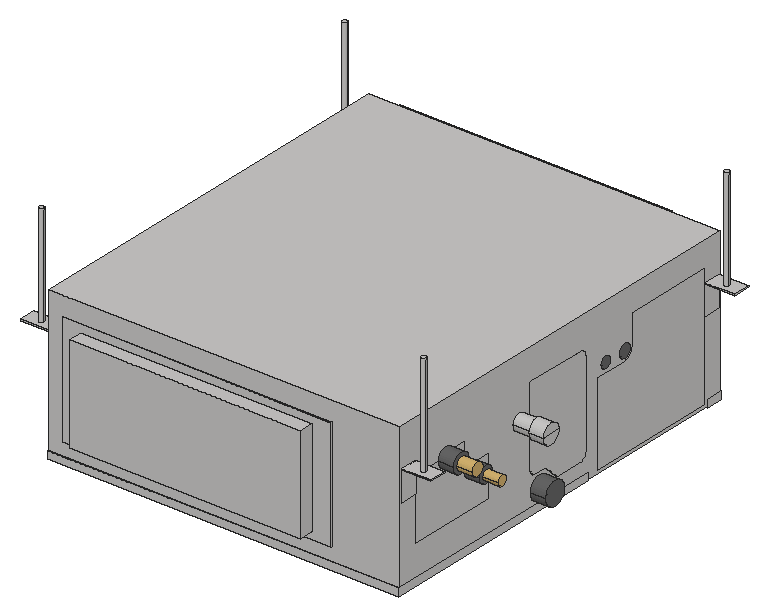
Revit family "Heat_Pump-Split_System-Indoor-Ducted-JCI-High_Static-1.3-4.5_ton", category Mechanical Equipment, Revit 2014
Parameters (values of type "(H,Y)IDH015B22S - 208 v")
  Width = 31.500"
  Voltage = 208 V
  Total Heating Capacity = 17000.0 Btu/h
  Total Cooling Capacity = 15000.0 Btu/h
  Supply Air Connection Width = 18 3/8"
  Supply Air Connection Height = 7 13/16"
  SA Z Offset = (Height - Supply Air Connection Height) / 2  # 2.00025"
  SA X Offset = 2.500"
  Return Air Connection Width = 21 5/8"
  Return Air Connection Height = 8 7/16"
  Refrigerant Suction Gas Connection Diameter = 1/2"
  Refrigerant Liquid Connection Diameter = 1/4"
  RA Z Offset = 2.6875"
  RA X Offset = 1.3125"
  Pumped Drain [instance] = no
  Product Page URL = "http://www.johnsoncontrols.com/buildings/hvac-equipment/variable-refrigerant-flow/variable-refrigerant-flow-ducted-high-static-indoor-unit"
  Product Name = Model  # "(H,Y)IDH015B22S"
  Product Documentation Link = "http://www.johnsoncontrols.com/-/media/jci/be/united-states/hvac-equipment/variable-refrigerant-flow/files/2017-york-vrf-gen-ii-brochure_053017_digital.pdf?la=en"
  Power Radius = Power Diameter / 2  # 1/2"
  Power Factor = 0.8
  Power Diameter = 1"
  Phase = 1
  Number of Poles = 2
  Minimum Circuit Current = 2.4 A
  Maximum Overcurrent Protection = 15 A
  Max Drain Lifting Zone [instance] = no
  Length 8 = 0.000" - Length 7  # -13.7815"
  Length 7 = Length / 2  # 13.7815"
  Length 6 = DX Liquid Body Radius + 0.250"  # 0.625"
  Length 3 [instance] = if(Max Drain Lifting Zone, 33.438" - Pumped Drain Z Offset, 1.000")  # 1.000"
  Length 2 [instance] = if(Max Drain Lifting Zone, 11.813", 1.000")  # 1.000"
  Length 1 [instance] = if(Pumped Drain, 2.500", 1.250")  # 1.250"
  Length 17 = Drain Radius - 1.000" / 8  # 0.500"
  Length 19 = 0.100"  # constant formula
  Length 16 = 0.000" - Length 15  # -10.7125"
  Length 15 = (Return Air Connection Width / 2) - Length 19  # 10.7125"
  Unit Weight = 64 lbf
  URL = "www.johnsoncontrols.com"
  Type Comments = "208 v - 1.3 ton Cooling Capacity"
  Pumped Drain Z Offset = 7.063"
  Pumped Drain Y Offset = 11.750"
  Length = 27.563"
  Height = 11.813"
  Gravity Drain Z Offset = 1.5625"
  Gravity Drain Y Offset = 13.71875"
  Frequency = 60 Hz
  Drain Z Offset Label [instance] = if(Pumped Drain, Pumped Drain Z Offset, Gravity Drain Z Offset)  # 1.5625"
  Drain Y Offset Label [instance] = if(Pumped Drain, Pumped Drain Y Offset, Gravity Drain Y Offset)  # 13.71875"
  DX Liquid Z Offset = 5.875"
  DX Liquid Y Offset = 6.9375"
  DX Gas Z Offset = 7.750"
  DX Gas Y Offset = 4.500"
  DX Gas Body Radius = DX Gas Radius + 0.250"  # 0.500"
  DX Liquid Body Radius = DX Liquid Radius + 0.250"  # 0.375"
  Highlight Material 1 = Plastic - JCI - Black
  Model = "(H,Y)IDH015B22S"
  Manufacturer = "Johnson Controls Incorporated"
  Load Classification = HVAC
  Length 9 [instance] = if(Clearance Zones, Clearance Front, 0.000")  # 0.000"
  Length 5 = DX Gas Body Radius + 0.250"  # 0.750"
  Length 14 [instance] = if(Clearance Zones, Clearance Top, 0.000")  # 0.000"
  Length 13 [instance] = if(Clearance Zones, Clearance Bottom, 0.000")  # 0.000"
  Length 12 [instance] = if(Clearance Zones, Clearance Right, 0.000")  # 0.000"
  Length 11 [instance] = if(Clearance Zones, Clearance Left, 0.000")  # 0.000"
  Length 10 [instance] = if(Clearance Zones, Clearance Back, 0.000")  # 0.000"
  Description = "YORK® VRF Gen II Ducted High Static Indoor Unit"
  Hanging Bolts [instance] = yes
  Drop Rod Radius = 0.188"
  Hanging Height [instance] = 5.000"
  Radius 4 = 0.630"
  Drain Radius = Condensate Drain Connection Diameter / 2  # 5/8"
  DX Liquid Radius = Refrigerant Liquid Connection Diameter / 2  # 1/8"
  DX Gas Radius = Refrigerant Suction Gas Connection Diameter / 2  # 1/4"
  Highlight Material 2 = Metal - JCI - Brass
  Copyright © = "Copyright © 2017 Johnson Controls"  # constant formula
  Cooling Coil Air Pressure Drop [instance] = 0.00 in-wg
  Controls Radius = Controls Diameter / 2  # 7/16"
  Controls Diameter = 7/8"
  Condensate Drain Connection Diameter = 1 1/4"
  Clearance Zones [instance] = no
  Clearance Top = 3.938"
  Clearance Right = 7.875"
  Clearance Material = Area - JCI - Clearance
  Clearance Left = 0.000"
  Clearance Front = 1.938"
  Clearance Bottom = 0.813"
  Clearance Back = 1.938"
  Bracket Width = 1.375"
  Bracket Length = 2.375"
  Body Material = Metal - JCI - Steel
  Assembly Code = "D3030200"
  Apparent Load = Minimum Circuit Current * Voltage / Power Factor  # 624 VA
  Angle 1 [instance] = 90.00°
  Actual Supply Air Flow [instance] = 0 CFM
  Actual Return Air Flow [instance] = 0 CFM
  Actual Condensate Drain Flow [instance] = 0 GPM
Reference planes (in)
  plane 1 "Center (Front/Back)": y = 0
  plane 2: z = 0
  plane 3 "Center (Left/Right)": x = 0
  plane 4 "Back": y = 15.75
  plane 5 "Front": y = -15.75
  plane 6 "Body Left": x = -13.7815
  plane 7 "Body Right": x = 13.7815
  plane 8 "Left": x = -16.1565
  plane 9 "Right": x = 16.1565
  plane 10 "Left Bolt Pitch": x = -15.0315
  plane 11 "Right Bolt Pitch": x = 15.0315
  plane 12 "rod 2 y cl": y = -14.9375
  plane 13 "Top": z = 11.813
  plane 14 "Bottom": z = 0
  plane 15 "Center (Elevation)": z = 5.9065
  plane 16 "dx gas z cl": z = 7.75
  plane 17 "conduit z cl": z = 7.5
  plane 18 "plate top": z = 8.84425
  plane 19 "plate bottom 1": z = 8.76525
  plane 20 "sa top": z = 9.81275
  plane 21 "sa bottom": z = 2.00025
  plane 22 "dx liquid y cl": y = -8.8125
  plane 23 "dx gas y cl": y = -11.25
  plane 24 "bracket 1 front": y = 14.25
  plane 25 "bracket 2 back": y = -14.25
  plane 26 "bracket 2 front": y = -15.625
  plane 27: z = 0.04
  plane 28 "Hanging Rods Height": z = 16.813
  plane 29 "lower bracket left": x = -14.5095
  plane 30 "bolt bottom": z = 8.46525
  plane 31: z = 11.813
  plane 32 "dec right": x = 13.8315
  plane 33 "dec left": x = -13.8315
  plane 34 "Cleareance Left": x = -13.7815
  plane 35 "Clearance Right": x = 16.1565
  plane 36 "Clearance Front": y = -15.75
  plane 37 "Clearance Back": y = 16.9375
  plane 38 "Clearance Top": z = 11.813
  plane 39 "Clearance Bottom": z = 0
  plane 40 "bracket 1 back": y = 15.625
  plane 41 "rod 1 y cl": y = 14.9375
  plane 42 "sa left": x = -11.2815
  plane 43 "sa right": x = 7.0935
  plane 44 "connection right": x = 16.3315
  plane 45 "dx liquid z cl": z = 5.875
  plane 46 "sa front": y = -16.9375
  plane 47 "ra back": y = 16.9375
  plane 48 "insulaton right": x = 15.0565
  plane 49 "ra left": x = -12.469
  plane 50 "pumped drain y cl": y = -4
  plane 51 "drain z cl": z = 7.063
  plane 52 "plate bottom 2": z = 6.46925
  plane 53 "dec front": y = -15.829
  plane 54 "ra right": x = 9.156
  plane 55 "ra top": z = 11.125
  plane 56 "ra bottom": z = 2.6875
  plane 57 "dec back": y = 15.829
  plane 58 "trim 2": y = 14.5
  plane 59 "trim 1": y = 2.75
  plane 60 "trim top": z = 0.5
  plane 61 "controls y cl": y = 4.5
  plane 62 "power y cl": y = 6.375
  plane 63 "gravity drain y cl": y = -2.03125
Forms (in)
  Extrusion 1, solid, material "Metal - JCI - Brass" <- "Highlight Material 2", detail levels medium+fine
    sketch origin (16.3315, 0, 0) x (0, 1, 0) y (0, 0, 1)
      loop
        circle (-11.25, 7.75) r 0.5
      loop
        circle (-8.8125, 5.875) r 0.375
    from -1.275 to 0
  Extrusion 2, solid, material "Metal - JCI - Steel" <- "Body Material", visible <- "Hanging Bolts"
    sketch origin (0, 0, 8.84425) x (-1, 0, 0) y (0, -1, 0)
      loop
        circle (15.0315, -14.9215) r 0.188
      loop
        circle (-15.0315, -14.9215) r 0.188
      loop
        circle (15.0315, 14.9375) r 0.188
      loop
        circle (-15.0315, 14.9375) r 0.188
    from 0 to 7.96875
  Extrusion 3, solid, material "Plastic - JCI - Black" <- "Highlight Material 1", detail levels medium+fine
    sketch origin (13.7815, 0, 0) x (0, 1, 0) y (0, 0, 1)
      loop
        circle (-11.25, 7.75) r 0.75
      loop
        circle (-8.8125, 5.875) r 0.625
      loop
        circle (-2.03125, 1.5625) r 0.90625
    from 0 to 1.275
  Extrusion 4, solid, material "Area - JCI - Clearance" <- "Clearance Material", visible <- "Clearance Zones"
    sketch origin (0, 0, 11.813) x (-1, 0, 0) y (0, -1, 0)
      loop
        line (13.7815, -16.9375) -> (13.7815, 15.75) -> (-16.1565, 15.75) -> (-16.1565, -16.9375) -> (13.7815, -16.9375)
    from -11.813 to 0
  Extrusion 5, solid, material "Metal - JCI - Steel" <- "Body Material", visible <- "Hanging Bolts", detail levels medium+fine
    sketch origin (0, 0, 11.813) x (-1, 0, 0) y (0, -1, 0)
      loop
        circle (15.0315, -14.9215) r 0.188
      loop
        circle (15.0315, 14.9375) r 0.188
      loop
        circle (-15.0315, 14.9375) r 0.188
      loop
        circle (-15.0315, -14.9215) r 0.188
    from -3.34775 to -3.04775
  Extrusion 6, solid, material "Metal - JCI - Steel" <- "Body Material", detail levels medium+fine
    sketch origin (0, -15.75, 0) x (-1, 0, 0) y (0, 0, 1)
      loop
        line (11.1815, 9.71275) -> (-6.9935, 9.71275) -> (-6.9935, 2.10025) -> (11.1815, 2.10025) -> (11.1815, 9.71275)
    from -1.1875 to 0
  Extrusion 7, solid, material "Metal - JCI - Steel" <- "Body Material"
    sketch origin (0, 0, 0) x (1, 0, 0) y (0, 1, 0)
      loop
        line (13.7815, -15.75) -> (13.7815, 15.75) -> (-13.7815, 15.75) -> (-13.7815, -15.75) -> (13.7815, -15.75)
    from 0 to 11.813
  Revolve 8, solid, material "Metal - JCI - Steel" <- "Body Material", detail levels medium+fine
    sketch origin (0, 0, 7.063) x (-1, 0, 0) y (0, -1, 0)
      loop
        line (-13.7815, 3.375) -> (-13.7815, 4) -> (-16.3315, 4) -> (-16.3315, 3.25) -> (-15.2065, 3.25) -> (-15.2065, 3.375) -> (-13.7815, 3.375)
      axis (-13.7815, 4) -> (-16.3315, 4)
    angle from 0 to 360
  Extrusion 9, solid, material "Metal - JCI - Steel" <- "Body Material"
    sketch origin (0, -15.75, 0) x (-1, 0, 0) y (0, 0, 1)
      loop
        line (13.8605, 8.76525) -> (16.1565, 8.76525) -> (16.1565, 8.84425) -> (13.7815, 8.84425) -> (13.7815, 6.46925) -> (13.8605, 6.46925) -> (13.8605, 8.76525)
      loop
        line (-13.8605, 8.76525) -> (-13.8605, 6.46925) -> (-13.7815, 6.46925) -> (-13.7815, 8.84425) -> (-16.1565, 8.84425) -> (-16.1565, 8.76525) -> (-13.8605, 8.76525)
    from 0.125 to 1.5
  Extrusion 10, solid, material "Metal - JCI - Steel" <- "Body Material"
    sketch origin (0, -15.75, 0) x (-1, 0, 0) y (0, 0, 1)
      loop
        line (16.1565, 8.76525) -> (16.1565, 8.84425) -> (13.7815, 8.84425) -> (13.7815, 6.46925) -> (13.8605, 6.46925) -> (13.8605, 8.76525) -> (16.1565, 8.76525)
      loop
        line (-13.8605, 8.76525) -> (-13.8605, 6.46925) -> (-13.7815, 6.46925) -> (-13.7815, 8.84425) -> (-16.1565, 8.84425) -> (-16.1565, 8.76525) -> (-13.8605, 8.76525)
    from 30 to 31.375
  Extrusion 11, solid, material "Metal - JCI - Steel" <- "Body Material", detail levels fine
    sketch origin (0, -15.75, 0) x (-1, 0, 0) y (0, 0, 1)
      loop
        line (12.6565, 10.31275) -> (-8.4685, 10.31275) -> (-8.4685, 1.50025) -> (12.6565, 1.50025) -> (12.6565, 10.31275)
      loop
        line (11.1815, 9.71275) -> (-6.9935, 9.71275) -> (-6.9935, 2.10025) -> (11.1815, 2.10025) -> (11.1815, 9.71275)
    from 0 to -0.079
  Extrusion 12, solid, material "Metal - JCI - Steel" <- "Body Material", detail levels medium+fine
    sketch origin (0, 15.75, 0) x (-1, 0, 0) y (0, 0, 1)
      loop
        line (-9.056, 11.025) -> (-9.056, 2.7875) -> (12.369, 2.7875) -> (12.369, 11.025) -> (-9.056, 11.025)
    from 0 to 1.1875
  Extrusion 13, solid, material "Metal - JCI - Steel" <- "Body Material", detail levels fine
    sketch origin (0, 16.9375, 0) x (0, 0, 1) y (1, 0, 0)
      loop
        line (11.625, 9.656) -> (2.1875, 9.656) -> (2.1875, -13.719) -> (11.625, -13.719) -> (11.625, 9.656)
      loop
        line (11.025, 9.056) -> (2.7875, 9.056) -> (2.7875, -12.369) -> (11.025, -12.369) -> (11.025, 9.056)
    from -1.1875 to -1.1085
  Extrusion 14, solid, material "Metal - JCI - Steel" <- "Body Material", detail levels fine
    sketch origin (-16.1565, 0, 0) x (0, 1, 0) y (0, 0, 1)
      loop
        line (15.829, 0.5) -> (14.5, 0.5) -> (14.5, -0.079) -> (15.829, -0.079) -> (15.829, 0.5)
      loop
        line (2.75, 0.5) -> (-15.829, 0.5) -> (-15.829, -0.079) -> (2.75, -0.079) -> (2.75, 0.5)
    from 2.325 to 29.988
  Extrusion 15, solid, material "Metal - JCI - Steel" <- "Body Material", detail levels fine
    sketch origin (13.8315, 0, 0) x (0, 1, 0) y (0, 0, 1)
      loop
        line (-7.125, 2.96875) -> (-7.125, 6.125) -> (-8.1875, 6.125) -> (-8.1875, 5.875)
        arc (-8.1875, 5.875) -> (-8.8125, 5.25) -> (-9.4375, 5.875) r 0.625
        line (-9.4375, 5.875) -> (-9.4375, 8) -> (-10.5, 8) -> (-10.5, 7.75)
        arc (-10.5, 7.75) -> (-11.25, 7) -> (-12, 7.75) r 0.75
        line (-12, 7.75) -> (-14.15625, 7.75) -> (-14.15625, 2.96875) -> (-7.125, 2.96875)
      loop
        line (-2.9375, 9.36762) -> (-2.9375, 3.1875)
        arc (-2.9375, 3.1875) -> (-2.79105, 2.83395) -> (-2.4375, 2.6875) r 0.5
        line (-2.4375, 2.6875) -> (-1.4375, 2.6875) -> (-0.3125, 1.5625) -> (2, 1.5625)
        arc (2, 1.5625) -> (2.35355, 1.70895) -> (2.5, 2.0625) r 0.5
        line (2.5, 2.0625) -> (2.5, 8.86762)
        arc (2.5, 8.86762) -> (2.35355, 9.22117) -> (2, 9.36762) r 0.5
        line (2, 9.36762) -> (-2.9375, 9.36762)
      loop
        line (3.75, 6.75) -> (3.75, 0.25) -> (14.15625, 0.25) -> (14.15625, 9.84425) -> (7.125, 9.84425) -> (7.125, 7.5)
        arc (7.125, 7.5) -> (6.90533, 6.96967) -> (6.375, 6.75) r 0.75
        line (6.375, 6.75) -> (3.75, 6.75)
    from -0.05 to 0
  Extrusion 16, solid, material "Plastic - JCI - Black" <- "Highlight Material 1", detail levels medium+fine
    sketch origin (13.8315, 0, 0) x (0, 1, 0) y (0, 0, 1)
      loop
        circle (4.5, 7.5) r 0.4375
      loop
        circle (6.375, 7.5) r 0.5
    from -0.05 to 0
  Extrusion 17, solid, material "Metal - JCI - Steel" <- "Body Material", not visible
    sketch origin (13.7815, 0, 0) x (0, 1, 0) y (0, 0, 1)
      loop
        circle (-2.03125, 1.5625) r 0.2
    from 0 to 1.25 <- "Length 1"
  Extrusion 18, solid, material "Area - JCI - Clearance" <- "Clearance Material", visible <- "Max Drain Lifting Zone"
    sketch origin (0, 0, 7.063) x (-1, 0, 0) y (0, -1, 0)
      loop
        line (-13.7815, 2.75) -> (-13.7815, 5.25) -> (-14.7815, 5.25) -> (-14.7815, 2.75) -> (-13.7815, 2.75)
    from 0 to 1 <- "Length 3"
Lines and regions (in)
  Masking region 1
    outline origin (0, 0, 5.9065) x (-1, 0, 0) y (0, -1, 0)
      loop
        line (13.7815, -15.75) -> (13.7815, 15.75) -> (-13.7815, 15.75) -> (-13.7815, -15.75) -> (13.7815, -15.75)
  Masking region 2
    outline origin (0, 0, 0) x (1, 0, 0) y (0, 0, 1)
      loop
        line (-13.7815, 11.813) -> (-13.7815, 0) -> (13.7815, 0) -> (13.7815, 11.813) -> (-13.7815, 11.813)
  Masking region 3
    outline origin (0, 0, 0) x (0, 1, 0) y (0, 0, 1)
      loop
        line (-15.75, 11.813) -> (-15.75, 0) -> (15.75, 0) -> (15.75, 11.813) -> (-15.75, 11.813)
  Masking region 4
    outline origin (0, 0, 8.84425) x (-1, 0, 0) y (0, -1, 0)
      loop
        line (16.1565, -15.625) -> (16.1565, -14.25) -> (13.7815, -14.25) -> (13.7815, -15.625) -> (16.1565, -15.625)
      loop
        line (16.1565, 14.25) -> (16.1565, 15.625) -> (13.7815, 15.625) -> (13.7815, 14.25) -> (16.1565, 14.25)
      loop
        line (-13.7815, 14.25) -> (-13.7815, 15.625) -> (-16.1565, 15.625) -> (-16.1565, 14.25) -> (-13.7815, 14.25)
      loop
        line (-13.7815, -15.625) -> (-13.7815, -14.25) -> (-16.1565, -14.25) -> (-16.1565, -15.625) -> (-13.7815, -15.625)
  Masking region 5, visible <- "Hanging Bolts", detail levels fine
    outline origin (0, 0, 0) x (0, 1, 0) y (0, 0, 1)
      loop
        line (-15.1255, 16.813) -> (-15.1255, 8.84425) -> (-14.7495, 8.84425) -> (-14.7495, 16.813) -> (-15.1255, 16.813)
      loop
        line (14.7335, 16.813) -> (14.7335, 8.84425) -> (15.1095, 8.84425) -> (15.1095, 16.813) -> (14.7335, 16.813)
      loop
        line (15.1095, 8.76525) -> (14.7335, 8.76525) -> (14.7335, 8.46525) -> (15.1095, 8.46525) -> (15.1095, 8.76525)
      loop
        line (-14.7495, 8.76525) -> (-15.1255, 8.76525) -> (-15.1255, 8.46525) -> (-14.7495, 8.46525) -> (-14.7495, 8.76525)
  Masking region 6, detail levels fine
    outline origin (0, 0, 0) x (1, 0, 0) y (0, 0, 1)
      loop
        line (-16.1565, 8.84425) -> (-16.1565, 8.76525) -> (-13.7815, 8.76525) -> (-13.7815, 8.84425) -> (-16.1565, 8.84425)
      loop
        line (13.7815, 8.76525) -> (16.1565, 8.76525) -> (16.1565, 8.84425) -> (13.7815, 8.84425) -> (13.7815, 8.76525)
  Masking region 7, visible <- "Hanging Bolts", detail levels fine
    outline origin (0, 0, 0) x (1, 0, 0) y (0, 0, 1)
      loop
        line (-15.2195, 16.813) -> (-15.2195, 8.84425) -> (-14.8435, 8.84425) -> (-14.8435, 16.813) -> (-15.2195, 16.813)
      loop
        line (14.8435, 16.813) -> (14.8435, 8.84425) -> (15.2195, 8.84425) -> (15.2195, 16.813) -> (14.8435, 16.813)
      loop
        line (-15.2195, 8.76525) -> (-15.2195, 8.46525) -> (-14.8435, 8.46525) -> (-14.8435, 8.76525) -> (-15.2195, 8.76525)
      loop
        line (14.8435, 8.76525) -> (14.8435, 8.46525) -> (15.2195, 8.46525) -> (15.2195, 8.76525) -> (14.8435, 8.76525)
  Masking region 8, detail levels medium+fine
    outline origin (0, 0, 7.75) x (-1, 0, 0) y (0, -1, 0)
      loop
        line (-13.7815, 10.5) -> (-13.7815, 12) -> (-15.0565, 12) -> (-15.0565, 11.75) -> (-16.3315, 11.75) -> (-16.3315, 10.75) -> (-15.0565, 10.75) -> (-15.0565, 10.5) -> (-13.7815, 10.5)
  Masking region 9, detail levels medium+fine
    outline origin (16.1565, 0, 0) x (0, 1, 0) y (0, 0, 1)
      loop
        circle (-11.25, 7.75) r 0.75
      loop
        circle (-8.8125, 5.875) r 0.625
  Masking region 10, detail levels medium+fine
    outline origin (0, 0, 5.875) x (0, -1, 0) y (1, 0, 0)
      loop
        line (8.1875, 13.7815) -> (9.4375, 13.7815) -> (9.4375, 15.0565) -> (9.1875, 15.0565) -> (9.1875, 16.3315) -> (8.4375, 16.3315) -> (8.4375, 15.0565) -> (8.1875, 15.0565) -> (8.1875, 13.7815)
      loop
        line (1.125, 13.7815) -> (2.9375, 13.7815) -> (2.9375, 15.0565) -> (1.125, 15.0565) -> (1.125, 13.7815)
  Masking region 11, detail levels medium+fine
    outline origin (0, -8.8125, 0) x (-1, 0, 0) y (0, 0, 1)
      loop
        line (-13.7815, 6.5) -> (-15.0565, 6.5) -> (-15.0565, 6.25) -> (-16.3315, 6.25) -> (-16.3315, 5.5) -> (-15.0565, 5.5) -> (-15.0565, 5.25) -> (-13.7815, 5.25) -> (-13.7815, 6.5)
  Masking region 12, detail levels medium+fine
    outline origin (0, -11.25, 0) x (-1, 0, 0) y (0, 0, 1)
      loop
        line (-13.7815, 8.5) -> (-15.0565, 8.5) -> (-15.0565, 8.25) -> (-16.3315, 8.25) -> (-16.3315, 7.25) -> (-15.0565, 7.25) -> (-15.0565, 7) -> (-13.7815, 7) -> (-13.7815, 8.5)
  Masking region 13, detail levels medium+fine
    outline origin (0, 0, 7.063) x (-1, 0, 0) y (0, -1, 0)
      loop
        line (-13.7815, 3.375) -> (-13.7815, 4.625) -> (-15.2065, 4.625) -> (-15.2065, 4.75) -> (-16.3315, 4.75) -> (-16.3315, 3.25) -> (-15.2065, 3.25) -> (-15.2065, 3.375) -> (-13.7815, 3.375)
  Masking region 14, detail levels medium+fine
    outline origin (0, -4, 0) x (-1, 0, 0) y (0, 0, 1)
      loop
        line (-13.7815, 7.688) -> (-15.2065, 7.688) -> (-15.2065, 7.813) -> (-16.3315, 7.813) -> (-16.3315, 6.313) -> (-15.2065, 6.313) -> (-15.2065, 6.438) -> (-13.7815, 6.438) -> (-13.7815, 7.688)
      loop
        line (-13.7815, 2.46875) -> (-15.0565, 2.46875) -> (-15.0565, 0.65625) -> (-13.7815, 0.65625) -> (-13.7815, 2.46875)
  Masking region 15, detail levels fine
    outline origin (13.7815, 0, 0) x (0, 1, 0) y (0, 0, 1)
      loop
        line (2.75, 0.5) -> (-15.829, 0.5) -> (-15.829, -0.079) -> (2.75, -0.079) -> (2.75, 0.5)
      loop
        line (15.829, 0.5) -> (14.5, 0.5) -> (14.5, -0.079) -> (15.829, -0.079) -> (15.829, 0.5)
  symbolic lines, detail levels fine
    curve 1: circle (-15.0315, 14.9215, 8.84425) r 0.188 normal (0, 0, 1)
    curve 2: circle (15.0315, 14.9215, 8.84425) r 0.188 normal (0, 0, 1)
    curve 3: circle (15.0315, -14.9375, 8.84425) r 0.188 normal (0, 0, 1)
    curve 4: circle (-15.0315, -14.9375, 8.84425) r 0.188 normal (0, 0, 1)
    curve 5: line (0, -15.625, 8.76525) -> (0, -14.25, 8.76525)
    curve 8: line (0, 14.25, 8.76525) -> (0, 15.625, 8.76525)
    curve 17: line (0, -14.25, 8.84425) -> (0, -14.25, 6.46925)
    curve 18: line (0, -15.625, 8.84425) -> (0, -15.625, 6.46925)
    curve 19: line (0, 15.625, 8.84425) -> (0, 15.625, 6.46925)
    curve 20: line (0, 14.25, 8.84425) -> (0, 14.25, 6.46925)
    curve 35: line (15.0565, -8.4375, 5.875) -> (15.0565, -9.1875, 5.875)
    curve 50: line (9.656, 15.75, 11.625) -> (9.656, 15.75, 2.1875)
    curve 51: line (9.656, 15.75, 2.1875) -> (-13.719, 15.75, 2.1875)
    curve 52: line (-13.719, 15.75, 2.1875) -> (-13.719, 15.75, 11.625)
    curve 53: line (-13.719, 15.75, 11.625) -> (9.656, 15.75, 11.625)
    curve 54: line (8.4685, -15.75, 10.31275) -> (8.4685, -15.75, 1.50025)
    curve 55: line (8.4685, -15.75, 1.50025) -> (-12.6565, -15.75, 1.50025)
    curve 56: line (-12.6565, -15.75, 1.50025) -> (-12.6565, -15.75, 10.31275)
    curve 57: line (-12.6565, -15.75, 10.31275) -> (8.4685, -15.75, 10.31275)
    curve 58: line (13.7815, -9.4375, 5.875) -> (13.7815, -9.4375, 8)
    curve 59: line (13.7815, -9.4375, 8) -> (13.7815, -10.5, 8)
    curve 60: line (13.7815, -10.5, 8) -> (13.7815, -10.5, 7.75)
    curve 61: arc (13.7815, -10.5, 7.75) -> (13.7815, -11.25, 7) -> (13.7815, -12, 7.75) r 0.75
    curve 62: line (13.7815, -12, 7.75) -> (13.7815, -14.15625, 7.75)
    curve 63: line (13.7815, -14.15625, 7.75) -> (13.7815, -14.15625, 2.96875)
    curve 64: line (13.7815, -14.15625, 2.96875) -> (13.7815, -7.125, 2.96875)
    curve 65: line (13.7815, -7.125, 2.96875) -> (13.7815, -7.125, 6.125)
    curve 66: line (13.7815, -7.125, 6.125) -> (13.7815, -8.1875, 6.125)
    curve 67: line (13.7815, -8.1875, 6.125) -> (13.7815, -8.1875, 5.875)
    curve 68: arc (13.7815, -8.1875, 5.875) -> (13.7815, -8.8125, 5.25) -> (13.7815, -9.4375, 5.875) r 0.625
    curve 69: line (13.7815, 2, 9.36762) -> (13.7815, -2.9375, 9.36762)
    curve 70: line (13.7815, -2.9375, 9.36762) -> (13.7815, -2.9375, 3.1875)
    curve 71: arc (13.7815, -2.9375, 3.1875) -> (13.7815, -2.79105, 2.83395) -> (13.7815, -2.4375, 2.6875) r 0.5
    curve 72: line (13.7815, -2.4375, 2.6875) -> (13.7815, -1.4375, 2.6875)
    curve 73: line (13.7815, -1.4375, 2.6875) -> (13.7815, -0.3125, 1.5625)
    curve 74: line (13.7815, -0.3125, 1.5625) -> (13.7815, 2, 1.5625)
    curve 75: arc (13.7815, 2, 1.5625) -> (13.7815, 2.35355, 1.70895) -> (13.7815, 2.5, 2.0625) r 0.5
    curve 76: line (13.7815, 2.5, 2.0625) -> (13.7815, 2.5, 8.86762)
    curve 77: arc (13.7815, 2.5, 8.86762) -> (13.7815, 2.35355, 9.22117) -> (13.7815, 2, 9.36762) r 0.5
    curve 78: line (13.7815, 3.75, 0.25) -> (13.7815, 14.15625, 0.25)
    curve 79: line (13.7815, 14.15625, 0.25) -> (13.7815, 14.15625, 9.84425)
    curve 80: line (13.7815, 14.15625, 9.84425) -> (13.7815, 7.125, 9.84425)
    curve 81: line (13.7815, 7.125, 9.84425) -> (13.7815, 7.125, 7.5)
    curve 82: arc (13.7815, 7.125, 7.5) -> (13.7815, 6.90533, 6.96967) -> (13.7815, 6.375, 6.75) r 0.75
    curve 83: line (13.7815, 6.375, 6.75) -> (13.7815, 3.75, 6.75)
    curve 84: line (13.7815, 3.75, 6.75) -> (13.7815, 3.75, 0.25)
    curve 88: line (13.7815, -15.625, 6.46925) -> (13.7815, -14.25, 6.46925)
    curve 89: line (13.7815, 14.25, 6.46925) -> (13.7815, 15.625, 6.46925)
  symbolic lines
    curve 6: line (0, -15.625, 8.84425) -> (0, -14.25, 8.84425)
    curve 7: line (0, 14.25, 8.84425) -> (0, 15.625, 8.84425)
  symbolic lines, visible <- "Hanging Bolts", detail levels coarse+medium
    curve 9: line (0, 14.9375, 8.46525) -> (0, 14.9375, 16.813)
    curve 10: line (0, -14.9375, 16.813) -> (0, -14.9375, 8.46525)
    curve 15: line (-15.0315, 0, 16.813) -> (-15.0315, 0, 8.46525)
    curve 16: line (15.0315, 0, 16.813) -> (15.0315, 0, 8.46525)
  symbolic lines, detail levels medium+fine
    curve 11: circle (16.1565, -8.8125, 5.875) r 0.375 normal (1, 0, 0)
    curve 12: circle (16.1565, -11.25, 7.75) r 0.5 normal (1, 0, 0)
    curve 29: line (15.0565, -10.75, 11.813) -> (15.0565, -11.75, 11.813)
    curve 34: line (15.0565, -8.4375, 11.813) -> (15.0565, -9.1875, 11.813)
    curve 36: line (15.0565, -8.8125, 6.25) -> (15.0565, -8.8125, 5.5)
    curve 37: line (15.0565, -11.25, 8.25) -> (15.0565, -11.25, 7.25)
    curve 38: line (15.2065, -3.375, 7.063) -> (15.2065, -4.625, 7.063)
    curve 39: circle (13.8315, -4, 7.063) r 0.75 normal (1, 0, 0)
    curve 40: line (15.2065, -4, 7.688) -> (15.2065, -4, 6.438)
    curve 41: circle (13.8315, -4, 7.063) r 0.5 normal (1, 0, 0)
    curve 42: line (-11.1815, -15.75, 9.71275) -> (-11.1815, -15.75, 2.10025)
    curve 43: line (-11.1815, -15.75, 2.10025) -> (6.9935, -15.75, 2.10025)
    curve 44: line (6.9935, -15.75, 2.10025) -> (6.9935, -15.75, 9.71275)
    curve 45: line (6.9935, -15.75, 9.71275) -> (-11.1815, -15.75, 9.71275)
    curve 46: line (-12.369, 16.9375, 11.025) -> (9.056, 16.9375, 11.025)
    curve 47: line (9.056, 16.9375, 11.025) -> (9.056, 16.9375, 2.7875)
    curve 48: line (9.056, 16.9375, 2.7875) -> (-12.369, 16.9375, 2.7875)
    curve 49: line (-12.369, 16.9375, 2.7875) -> (-12.369, 16.9375, 11.025)
    curve 85: circle (13.7815, -2.03125, 1.5625) r 0.90625 normal (1, 0, 0)
    curve 86: circle (13.7815, 4.5, 7.5) r 0.4375 normal (1, 0, 0)
    curve 87: circle (13.7815, 6.375, 7.5) r 0.5 normal (1, 0, 0)
    curve 102: circle (13.8315, -2.03125, 1.5625) r 0.625 normal (1, 0, 0)
  symbolic lines, detail levels coarse+medium
    curve 13: line (-16.1565, 0, 8.84425) -> (-13.7815, 0, 8.84425)
    curve 14: line (13.7815, 0, 8.84425) -> (16.1565, 0, 8.84425)
  symbolic lines, style "Clearance Zones", visible <- "Clearance Zones"
    curve 21: line (-13.7815, -15.75, 11.813) -> (16.1565, -15.75, 11.813)
    curve 22: line (-13.7815, -15.75, 0) -> (-13.7815, -15.75, 11.813)
    curve 23: line (16.1565, -15.75, 0) -> (-13.7815, -15.75, 0)
    curve 24: line (16.1565, -15.75, 11.813) -> (16.1565, -15.75, 0)
    curve 25: line (0, -15.75, 11.813) -> (0, 16.9375, 11.813)
    curve 26: line (0, -15.75, 0) -> (0, -15.75, 11.813)
    curve 27: line (0, 16.9375, 0) -> (0, -15.75, 0)
    curve 28: line (0, 16.9375, 11.813) -> (0, 16.9375, 0)
    curve 30: line (-13.7815, 16.9375, 0) -> (16.1565, 16.9375, 0)
    curve 31: line (-13.7815, -15.75, 0) -> (-13.7815, 16.9375, 0)
    curve 32: line (16.1565, -15.75, 0) -> (-13.7815, -15.75, 0)
    curve 33: line (16.1565, 16.9375, 0) -> (16.1565, -15.75, 0)
  symbolic lines, style "Max Drain Lifting Zone", visible <- "Max Drain Lifting Zone"
    curve 90: line (14.7815, -2.75, 0) -> (13.7815, -2.75, 0)
    curve 91: line (13.7815, -2.75, 0) -> (13.7815, -5.25, 0)
    curve 92: line (13.7815, -5.25, 0) -> (14.7815, -5.25, 0)
    curve 93: line (14.7815, -5.25, 0) -> (14.7815, -2.75, 0)
    curve 94: line (14.7815, -4, 8.063) -> (13.7815, -4, 8.063)
    curve 95: line (13.7815, -4, 8.063) -> (13.7815, -4, 7.063)
    curve 96: line (13.7815, -4, 7.063) -> (14.7815, -4, 7.063)
    curve 97: line (14.7815, -4, 7.063) -> (14.7815, -4, 8.063)
    curve 98: line (13.7815, -2.75, 7.063) -> (13.7815, -2.75, 8.063)
    curve 99: line (13.7815, -2.75, 8.063) -> (13.7815, -5.25, 8.063)
    curve 100: line (13.7815, -5.25, 8.063) -> (13.7815, -5.25, 7.063)
    curve 101: line (13.7815, -5.25, 7.063) -> (13.7815, -2.75, 7.063)
Dimensions and locks (in)
  equal spacing: plane 6 "Body Left", plane 3 "Center (Left/Right)", plane 7 "Body Right"
  equal spacing: plane 4 "Back", plane 1 "Center (Front/Back)", plane 5 "Front"
  "Width": plane 4 "Back" to plane 5 "Front"
  "Bracket Length": plane 8 "Left" to plane 6 "Body Left"
  "Bracket Length": plane 7 "Body Right" to plane 9 "Right"
  equal spacing: plane 10 "Left Bolt Pitch", plane 3 "Center (Left/Right)", plane 11 "Right Bolt Pitch"
  "Height": plane 13 "Top" to plane 14 "Bottom"
  equal spacing: plane 13 "Top", plane 15 "Center (Elevation)", plane 14 "Bottom"
  "DX Gas Z Offset": plane 16 "dx gas z cl" to plane 14 "Bottom"
  locked: plane 17 "conduit z cl" to plane 14 "Bottom" at 7.5
  locked: plane 27 to plane 14 "Bottom" at 0.04
  "Hanging Height": plane 28 "Hanging Rods Height" to plane 13 "Top"
  locked: plane 10 "Left Bolt Pitch" to plane 6 "Body Left" at 1.25
  locked: plane 19 "plate bottom 1" to plane 30 "bolt bottom" at 0.3
  "Drop Rod Radius": Masking region 5 sketch curve to plane 12 "rod 2 y cl"
  "Drop Rod Radius": plane 12 "rod 2 y cl" to Masking region 5 sketch curve
  "Drop Rod Radius": plane 10 "Left Bolt Pitch" to Masking region 7 sketch curve  (x2)
  "Drop Rod Radius": plane 11 "Right Bolt Pitch" to Masking region 7 sketch curve  (x2)
  locked: plane 33 "dec left" to plane 6 "Body Left" at 0.05
  locked: plane 7 "Body Right" to plane 32 "dec right" at 0.05
  "Length 11": plane 34 "Cleareance Left" to plane 6 "Body Left"
  "Length 14": plane 38 "Clearance Top" to plane 13 "Top"
  "Length 13": plane 14 "Bottom" to plane 39 "Clearance Bottom"
  equal spacing: plane 40 "bracket 1 back", plane 41 "rod 1 y cl", plane 24 "bracket 1 front"
  equal spacing: plane 25 "bracket 2 back", plane 12 "rod 2 y cl", plane 26 "bracket 2 front"
  "Bracket Width": plane 25 "bracket 2 back" to plane 26 "bracket 2 front"
  locked: plane 18 "plate top" to plane 19 "plate bottom 1" at 0.079
  "Supply Air Connection Width": plane 43 "sa right" to plane 42 "sa left"
  "SA X Offset": plane 42 "sa left" to plane 6 "Body Left"
  locked: plane 29 "lower bracket left" to plane 6 "Body Left" at 0.728
  "Length": plane 6 "Body Left" to plane 7 "Body Right"
  locked: plane 32 "dec right" to plane 44 "connection right" at 2.5
  "DX Liquid Z Offset": plane 45 "dx liquid z cl" to plane 14 "Bottom"
  "Supply Air Connection Height": plane 20 "sa top" to plane 21 "sa bottom"
  locked: plane 5 "Front" to plane 46 "sa front" at 1.1875
  "Length 19": plane 20 "sa top" to Extrusion 6 sketch curve
  "Length 19": Extrusion 6 sketch curve to plane 42 "sa left"
  "Length 19": Extrusion 6 sketch curve to plane 43 "sa right"
  "Length 19": Extrusion 6 sketch curve to plane 21 "sa bottom"
  "Length 12": plane 9 "Right" to plane 35 "Clearance Right"
  "SA Z Offset": plane 13 "Top" to plane 20 "sa top"
  "Bracket Width": plane 40 "bracket 1 back" to plane 24 "bracket 1 front"
  locked: plane 4 "Back" to plane 40 "bracket 1 back" at 0.125
  locked: plane 26 "bracket 2 front" to plane 5 "Front" at 0.125
  locked: plane 13 "Top" to plane 18 "plate top" at 2.96875
  "RA X Offset": plane 6 "Body Left" to plane 49 "ra left"
  "Length 6": Masking region 11 sketch curve to plane 45 "dx liquid z cl"
  "Length 6": plane 45 "dx liquid z cl" to Masking region 11 sketch curve
  "DX Liquid Body Radius": Masking region 11 sketch curve to plane 45 "dx liquid z cl"
  "DX Liquid Body Radius": plane 45 "dx liquid z cl" to Masking region 11 sketch curve
  "DX Gas Body Radius": Masking region 12 sketch curve to plane 16 "dx gas z cl"
  "DX Gas Body Radius": plane 16 "dx gas z cl" to Masking region 12 sketch curve
  "Length 5": Masking region 12 sketch curve to plane 16 "dx gas z cl"
  "Length 5": plane 16 "dx gas z cl" to Masking region 12 sketch curve
  "Pumped Drain Z Offset": plane 51 "drain z cl" to plane 14 "Bottom"
  "Drain Radius": Revolve 8 sketch curve to Revolve 8 sketch curve
  locked: Revolve 8 sketch curve to Revolve 8 sketch curve at 0.125
  locked: Revolve 8 sketch curve to Revolve 8 sketch curve at 1.125
  locked: Masking region 13 sketch curve to Masking region 13 sketch curve at 0.125
  Masking region 13 sketch curve to Masking region 13 sketch curve = 0.125"
  locked: Masking region 14 sketch curve to Masking region 14 sketch curve at 0.125  (x2)
  "Drain Radius": plane 51 "drain z cl" to Masking region 14 sketch curve
  "Drain Radius": Masking region 14 sketch curve to plane 51 "drain z cl"
  "Length 10": plane 47 "ra back" to plane 37 "Clearance Back"
  "Length 9": plane 36 "Clearance Front" to plane 5 "Front"
  locked: plane 47 "ra back" to plane 4 "Back" at 1.1875
  locked: plane 18 "plate top" to plane 52 "plate bottom 2" at 2.375
  Extrusion 9 sketch curve to Extrusion 9 sketch curve = 0.079"
  locked: Extrusion 9 sketch curve to Extrusion 9 sketch curve at 0.079
  locked: Extrusion 11 sketch curve to plane 20 "sa top" at 0.5
  locked: plane 21 "sa bottom" to Extrusion 11 sketch curve at 0.5
  locked: plane 42 "sa left" to Extrusion 11 sketch curve at 1.375
  locked: plane 43 "sa right" to Extrusion 11 sketch curve at 1.375
  locked: plane 5 "Front" to plane 53 "dec front" at 0.079
  "Return Air Connection Width": plane 49 "ra left" to plane 54 "ra right"
  locked: Extrusion 12 sketch curve to plane 54 "ra right" at 0.1
  locked: Extrusion 12 sketch curve to plane 49 "ra left" at 0.1
  "RA Z Offset": plane 14 "Bottom" to plane 56 "ra bottom"
  "Return Air Connection Height": plane 56 "ra bottom" to plane 55 "ra top"
  locked: Extrusion 12 sketch curve to plane 55 "ra top" at 0.1
  locked: plane 56 "ra bottom" to Extrusion 12 sketch curve at 0.1
  locked: plane 49 "ra left" to Extrusion 13 sketch curve at 1.25
  plane 54 "ra right" to Extrusion 13 sketch curve = 0.500"
  locked: plane 55 "ra top" to Extrusion 13 sketch curve at 0.5
  locked: Extrusion 13 sketch curve to plane 56 "ra bottom" at 0.5
  locked: plane 57 "dec back" to plane 4 "Back" at 0.079
  locked: plane 59 "trim 1" to plane 5 "Front" at 18.5
  locked: plane 4 "Back" to plane 58 "trim 2" at 1.25
  locked: plane 60 "trim top" to plane 14 "Bottom" at 0.5
  locked: plane 14 "Bottom" to Extrusion 14 sketch curve at 0.079
  "Pumped Drain Y Offset": plane 50 "pumped drain y cl" to plane 5 "Front"
  "DX Gas Y Offset": plane 23 "dx gas y cl" to plane 5 "Front"
  "DX Liquid Y Offset": plane 22 "dx liquid y cl" to plane 5 "Front"
  "Drain Radius": Masking region 13 sketch curve to plane 50 "pumped drain y cl"  (x2)
  equal spacing: plane 7 "Body Right", plane 48 "insulaton right", plane 44 "connection right"
  "Gravity Drain Z Offset": Extrusion 3 sketch curve to plane 14 "Bottom"
  locked: plane 45 "dx liquid z cl" to Extrusion 15 sketch curve at 0.25
  locked: plane 22 "dx liquid y cl" to Extrusion 15 sketch curve at 1.6875
  locked: plane 16 "dx gas z cl" to Extrusion 15 sketch curve at 0.25
  locked: plane 45 "dx liquid z cl" to Extrusion 15 sketch curve at 2.90625
  locked: plane 14 "Bottom" to Extrusion 15 sketch curve at 1.5625
  locked: Extrusion 15 sketch curve to plane 59 "trim 1" at 0.25
  locked: Extrusion 15 sketch curve to Extrusion 15 sketch curve at 1.125
  locked: Extrusion 15 sketch curve to Extrusion 15 sketch curve at 1
  locked: plane 62 "power y cl" to plane 61 "controls y cl" at 1.875
  locked: plane 4 "Back" to plane 62 "power y cl" at 9.375
  locked: plane 25 "bracket 2 back" to Extrusion 15 sketch curve at 0.09375
  locked: plane 14 "Bottom" to Extrusion 15 sketch curve at 0.25
  locked: plane 59 "trim 1" to Extrusion 15 sketch curve at 1
  locked: plane 17 "conduit z cl" to Extrusion 15 sketch curve at 0.75
  locked: plane 62 "power y cl" to Extrusion 15 sketch curve at 0.75
  locked: Extrusion 15 sketch curve to plane 18 "plate top" at 1
  locked: Extrusion 15 sketch curve to plane 24 "bracket 1 front" at 0.09375
  locked: Masking region 14 sketch curve to plane 14 "Bottom" at 0.65625
  locked: Masking region 14 sketch curve to Masking region 14 sketch curve at 1.8125
  "Gravity Drain Y Offset": plane 63 "gravity drain y cl" to plane 5 "Front"
  "Drain Z Offset Label": Extrusion 17 sketch curve to plane 14 "Bottom"
  "Drain Y Offset Label": plane 5 "Front" to Extrusion 17 sketch curve
  "Length 2": Extrusion 18 sketch curve to Extrusion 18 sketch curve
  "Condensate Drain Connection Diameter": plane 50 "pumped drain y cl" to Extrusion 18 sketch curve  (x2)
  "Gravity Drain Z Offset": curve 102 to plane 14 "Bottom"
  "Drop Rod Radius": radius of Extrusion 2 sketch curve  (x4)
  "Length 5": radius of Extrusion 3 sketch curve
  "DX Gas Body Radius": radius of Extrusion 1 sketch curve
  "Drop Rod Radius": radius of curve 1
  "Drop Rod Radius": radius of curve 2
  "Drop Rod Radius": radius of curve 3
  "Drop Rod Radius": radius of curve 4
  "DX Gas Body Radius": radius of curve 12
  "DX Liquid Body Radius": radius of curve 11
  "Length 6": radius of Extrusion 3 sketch curve
  "DX Liquid Body Radius": radius of Extrusion 1 sketch curve
  "Length 17": radius of curve 41
  radius of Extrusion 3 sketch curve = 0.90625"
  radius of Extrusion 15 sketch curve = 0.500"  (x3)
  "Controls Radius": radius of Extrusion 16 sketch curve
  "Power Radius": radius of Extrusion 16 sketch curve
  radius of Extrusion 15 sketch curve = 0.750"
  radius of Extrusion 17 sketch curve = 0.200"
  "Drain Radius": radius of curve 102
  aligned and locked: level to plane 2
  aligned: Extrusion 1 to plane 7 "Body Right"
  aligned and locked: plane 12 "rod 2 y cl" to Extrusion 2 sketch curve  (x2)
  aligned and locked: plane 10 "Left Bolt Pitch" to Extrusion 2 sketch curve  (x2)
  aligned and locked: plane 11 "Right Bolt Pitch" to Extrusion 2 sketch curve  (x2)
  aligned and locked: plane 28 "Hanging Rods Height" to Extrusion 2
  aligned and locked: plane 2 to plane 14 "Bottom"
  aligned and locked: plane 23 "dx gas y cl" to Extrusion 3 sketch curve
  aligned and locked: plane 16 "dx gas z cl" to Extrusion 3 sketch curve
  aligned and locked: plane 23 "dx gas y cl" to Extrusion 1 sketch curve
  aligned and locked: plane 16 "dx gas z cl" to Extrusion 1 sketch curve
  aligned and locked: plane 6 "Body Left" to Masking region 1 sketch curve
  aligned and locked: Masking region 1 sketch curve to plane 4 "Back"
  aligned and locked: Masking region 1 sketch curve to plane 7 "Body Right"
  aligned and locked: plane 5 "Front" to Masking region 1 sketch curve
  aligned and locked: Masking region 2 sketch curve to plane 13 "Top"
  aligned and locked: plane 6 "Body Left" to Masking region 2 sketch curve
  aligned and locked: plane 14 "Bottom" to Masking region 2 sketch curve
  aligned and locked: Masking region 2 sketch curve to plane 7 "Body Right"
  aligned and locked: Masking region 3 sketch curve to plane 13 "Top"
  aligned and locked: plane 5 "Front" to Masking region 3 sketch curve
  aligned and locked: Masking region 3 sketch curve to plane 4 "Back"
  aligned and locked: plane 14 "Bottom" to Masking region 3 sketch curve
  aligned and locked: plane 8 "Left" to Masking region 4 sketch curve  (x2)
  aligned and locked: plane 24 "bracket 1 front" to Masking region 4 sketch curve  (x2)
  aligned and locked: Masking region 4 sketch curve to plane 6 "Body Left"  (x2)
  aligned and locked: plane 7 "Body Right" to Masking region 4 sketch curve  (x2)
  aligned and locked: Masking region 4 sketch curve to plane 9 "Right"  (x2)
  aligned and locked: Masking region 4 sketch curve to plane 25 "bracket 2 back"  (x2)
  aligned and locked: plane 26 "bracket 2 front" to Masking region 4 sketch curve  (x2)
  aligned and locked: plane 10 "Left Bolt Pitch" to curve 1
  aligned and locked: plane 11 "Right Bolt Pitch" to curve 2
  aligned and locked: plane 12 "rod 2 y cl" to curve 3
  aligned and locked: plane 11 "Right Bolt Pitch" to curve 3
  aligned and locked: plane 12 "rod 2 y cl" to curve 4
  aligned and locked: plane 25 "bracket 2 back" to curve 6
  aligned and locked: plane 25 "bracket 2 back" to curve 5
  aligned and locked: plane 26 "bracket 2 front" to curve 6
  aligned and locked: curve 6 to plane 18 "plate top"
  aligned and locked: curve 5 to plane 19 "plate bottom 1"
  aligned and locked: plane 24 "bracket 1 front" to curve 7
  aligned and locked: plane 24 "bracket 1 front" to curve 8
  aligned and locked: curve 7 to plane 18 "plate top"
  aligned and locked: curve 8 to plane 19 "plate bottom 1"
  aligned and locked: plane 28 "Hanging Rods Height" to curve 10
  aligned and locked: plane 28 "Hanging Rods Height" to curve 9
  aligned and locked: curve 10 to plane 12 "rod 2 y cl"
  aligned and locked: Masking region 5 sketch curve to plane 28 "Hanging Rods Height"  (x2)
  aligned and locked: plane 22 "dx liquid y cl" to curve 11
  aligned and locked: plane 16 "dx gas z cl" to curve 12
  aligned and locked: plane 23 "dx gas y cl" to curve 12
  aligned and locked: Masking region 6 sketch curve to plane 18 "plate top"
  aligned and locked: plane 18 "plate top" to Masking region 6 sketch curve
  aligned and locked: plane 8 "Left" to Masking region 6 sketch curve
  aligned and locked: plane 19 "plate bottom 1" to Masking region 6 sketch curve
  aligned and locked: Masking region 6 sketch curve to plane 6 "Body Left"
  aligned and locked: plane 9 "Right" to Masking region 6 sketch curve
  aligned and locked: Masking region 6 sketch curve to plane 7 "Body Right"
  aligned and locked: Masking region 6 sketch curve to plane 19 "plate bottom 1"
  aligned and locked: plane 8 "Left" to curve 13
  aligned and locked: plane 6 "Body Left" to curve 13
  aligned and locked: curve 13 to plane 18 "plate top"
  aligned and locked: plane 7 "Body Right" to curve 14
  aligned and locked: plane 9 "Right" to curve 14
  aligned and locked: curve 14 to plane 18 "plate top"
  aligned and locked: plane 28 "Hanging Rods Height" to curve 15
  aligned and locked: plane 28 "Hanging Rods Height" to curve 16
  aligned and locked: plane 30 "bolt bottom" to curve 15
  aligned and locked: plane 30 "bolt bottom" to curve 16
  aligned and locked: curve 15 to plane 10 "Left Bolt Pitch"
  aligned and locked: curve 16 to plane 11 "Right Bolt Pitch"
  aligned and locked: Masking region 7 sketch curve to plane 28 "Hanging Rods Height"  (x2)
  aligned and locked: plane 13 "Top" to plane 31
  aligned and locked: plane 37 "Clearance Back" to Extrusion 4 sketch curve
  aligned and locked: plane 34 "Cleareance Left" to Extrusion 4 sketch curve
  aligned and locked: Extrusion 4 sketch curve to plane 36 "Clearance Front"
  aligned and locked: Extrusion 4 sketch curve to plane 35 "Clearance Right"
  aligned and locked: Extrusion 4 to plane 39 "Clearance Bottom"
  aligned and locked: plane 38 "Clearance Top" to Extrusion 4
  aligned: plane 30 "bolt bottom" to Extrusion 2
  aligned and locked: Masking region 5 sketch curve to plane 18 "plate top"  (x2)
  aligned and locked: plane 18 "plate top" to Masking region 7 sketch curve  (x2)
  aligned and locked: Masking region 7 sketch curve to Masking region 7 sketch curve  (x4)
  aligned and locked: Masking region 7 sketch curve to plane 19 "plate bottom 1"  (x2)
  aligned and locked: Masking region 7 sketch curve to plane 30 "bolt bottom"  (x2)
  aligned and locked: Masking region 4 sketch curve to plane 40 "bracket 1 back"  (x2)
  aligned and locked: Extrusion 2 to plane 18 "plate top"
  aligned and locked: Extrusion 5 sketch curve to Extrusion 2  (x4)
  aligned and locked: plane 30 "bolt bottom" to Extrusion 5
  aligned and locked: plane 19 "plate bottom 1" to Extrusion 5
  aligned and locked: Masking region 5 sketch curve to Masking region 5 sketch curve  (x4)
  aligned and locked: Masking region 5 sketch curve to plane 19 "plate bottom 1"  (x2)
  aligned and locked: Masking region 5 sketch curve to plane 30 "bolt bottom"  (x2)
  aligned and locked: curve 9 to plane 41 "rod 1 y cl"
  aligned and locked: plane 30 "bolt bottom" to curve 9
  aligned and locked: plane 40 "bracket 1 back" to curve 19
  aligned and locked: plane 34 "Cleareance Left" to curve 22
  aligned and locked: curve 21 to plane 38 "Clearance Top"
  aligned and locked: curve 24 to plane 35 "Clearance Right"
  aligned and locked: plane 39 "Clearance Bottom" to curve 23
  aligned and locked: plane 5 "Front" to Extrusion 6
  aligned and locked: Extrusion 6 to plane 46 "sa front"
  aligned and locked: curve 26 to plane 36 "Clearance Front"
  aligned and locked: plane 37 "Clearance Back" to curve 28
  aligned and locked: curve 25 to plane 38 "Clearance Top"
  aligned and locked: plane 39 "Clearance Bottom" to curve 27
  aligned and locked: plane 45 "dx liquid z cl" to curve 11
  aligned and locked: plane 22 "dx liquid y cl" to Extrusion 3 sketch curve
  aligned and locked: plane 45 "dx liquid z cl" to Extrusion 3 sketch curve
  aligned and locked: Extrusion 3 to plane 48 "insulaton right"
  aligned and locked: plane 22 "dx liquid y cl" to Extrusion 1 sketch curve
  aligned and locked: plane 45 "dx liquid z cl" to Extrusion 1 sketch curve
  aligned and locked: plane 48 "insulaton right" to Extrusion 1
  aligned and locked: plane 44 "connection right" to Extrusion 1
  aligned and locked: Masking region 8 sketch curve to Extrusion 3  (x2)
  aligned and locked: Masking region 8 sketch curve to Extrusion 1  (x2)
  aligned and locked: Masking region 8 to curve 29  (x2)
  aligned and locked: curve 29 to Masking region 8
  aligned and locked: Masking region 9 sketch curve to Extrusion 3  (x2)
  aligned and locked: plane 34 "Cleareance Left" to curve 31
  aligned and locked: plane 37 "Clearance Back" to curve 30
  aligned and locked: curve 33 to plane 35 "Clearance Right"
  aligned and locked: curve 32 to plane 36 "Clearance Front"
  aligned and locked: plane 5 "Front" to Extrusion 7 sketch curve
  aligned and locked: plane 13 "Top" to Extrusion 7
  aligned and locked: Extrusion 7 to plane 14 "Bottom"
  aligned and locked: plane 6 "Body Left" to Extrusion 7 sketch curve
  aligned and locked: Extrusion 7 sketch curve to plane 4 "Back"
  aligned and locked: Extrusion 7 sketch curve to plane 7 "Body Right"
  aligned and locked: Masking region 10 sketch curve to plane 7 "Body Right"
  aligned and locked: Masking region 10 sketch curve to Masking region 10 sketch curve  (x2)
  aligned and locked: Masking region 10 sketch curve to Extrusion 3  (x6)
  aligned and locked: plane 44 "connection right" to Masking region 10 sketch curve
  aligned and locked: Masking region 10 sketch curve to Extrusion 1  (x2)
  aligned and locked: Masking region 11 sketch curve to Masking region 11 sketch curve
  aligned and locked: plane 44 "connection right" to Masking region 11 sketch curve
  aligned and locked: Masking region 11 sketch curve to plane 7 "Body Right"
  aligned and locked: plane 48 "insulaton right" to Masking region 11 sketch curve
  aligned and locked: Masking region 11 to curve 36  (x2)
  aligned and locked: curve 36 to Masking region 11
  aligned and locked: plane 44 "connection right" to Masking region 12 sketch curve
  aligned and locked: Masking region 12 sketch curve to plane 7 "Body Right"
  aligned and locked: Masking region 12 sketch curve to Masking region 12 sketch curve
  aligned and locked: plane 48 "insulaton right" to Masking region 12 sketch curve
  aligned and locked: Masking region 12 to curve 37  (x2)
  aligned and locked: curve 37 to Masking region 12
  aligned and locked: Revolve 8 sketch curve to plane 50 "pumped drain y cl"
  aligned and locked: plane 44 "connection right" to Revolve 8 sketch curve
  aligned and locked: Revolve 8 sketch curve to Revolve 8 sketch curve
  aligned and locked: Masking region 13 sketch curve to Masking region 13 sketch curve
  aligned and locked: plane 44 "connection right" to Masking region 13 sketch curve
  aligned and locked: Masking region 13 to curve 38  (x2)
  aligned and locked: curve 38 to Masking region 13
  aligned and locked: curve 39 to Revolve 8
  aligned and locked: Masking region 8 sketch curve to plane 7 "Body Right"
  aligned and locked: Masking region 13 sketch curve to plane 7 "Body Right"
  aligned and locked: Masking region 14 sketch curve to Masking region 14 sketch curve  (x2)
  aligned and locked: Masking region 14 sketch curve to plane 7 "Body Right"
  aligned and locked: plane 44 "connection right" to Masking region 14 sketch curve
  aligned and locked: curve 40 to Masking region 14  (x2)
  aligned and locked: Masking region 14 to curve 40
  aligned and locked: curve 42 to Extrusion 6
  aligned and locked: curve 43 to Extrusion 6
  aligned and locked: curve 44 to Extrusion 6
  aligned and locked: curve 45 to Extrusion 6
  aligned and locked: plane 8 "Left" to Extrusion 9 sketch curve
  aligned and locked: Extrusion 9 sketch curve to plane 18 "plate top"
  aligned and locked: Extrusion 9 sketch curve to plane 6 "Body Left"
  aligned and locked: plane 19 "plate bottom 1" to Extrusion 9 sketch curve
  aligned and locked: plane 52 "plate bottom 2" to Extrusion 9 sketch curve
  aligned and locked: Extrusion 9 sketch curve to plane 7 "Body Right"
  aligned and locked: plane 9 "Right" to Extrusion 9 sketch curve
  aligned and locked: plane 18 "plate top" to Extrusion 9 sketch curve
  aligned and locked: Extrusion 9 sketch curve to plane 19 "plate bottom 1"
  aligned and locked: Extrusion 9 sketch curve to plane 52 "plate bottom 2"
  aligned and locked: Extrusion 9 to plane 26 "bracket 2 front"
  aligned and locked: plane 25 "bracket 2 back" to Extrusion 9
  aligned and locked: Extrusion 10 sketch curve to Extrusion 9  (x10)
  aligned and locked: plane 40 "bracket 1 back" to Extrusion 10
  aligned and locked: Extrusion 10 to plane 24 "bracket 1 front"
  aligned and locked: Extrusion 11 sketch curve to curve 42
  aligned and locked: Extrusion 11 sketch curve to curve 43
  aligned and locked: Extrusion 11 sketch curve to curve 44
  aligned and locked: Extrusion 11 sketch curve to curve 45
  aligned and locked: Extrusion 11 to plane 5 "Front"
  aligned and locked: Extrusion 11 to plane 53 "dec front"
  aligned and locked: Extrusion 12 to plane 4 "Back"
  aligned and locked: plane 47 "ra back" to Extrusion 12
  aligned and locked: curve 46 to Extrusion 12
  aligned and locked: curve 47 to Extrusion 12
  aligned and locked: curve 48 to Extrusion 12
  aligned and locked: curve 49 to Extrusion 12
  aligned and locked: Extrusion 13 sketch curve to curve 47
  aligned and locked: Extrusion 13 sketch curve to curve 48
  aligned and locked: Extrusion 13 sketch curve to curve 49
  aligned and locked: Extrusion 13 sketch curve to curve 46
  aligned and locked: Extrusion 13 to plane 57 "dec back"
  aligned and locked: curve 50 to Extrusion 13
  aligned and locked: curve 51 to Extrusion 13
  aligned and locked: curve 52 to Extrusion 13
  aligned and locked: curve 53 to Extrusion 13
  aligned and locked: curve 54 to Extrusion 11
  aligned and locked: curve 55 to Extrusion 11
  aligned and locked: curve 56 to Extrusion 11
  aligned and locked: curve 57 to Extrusion 11
  aligned and locked: Extrusion 14 sketch curve to Extrusion 14 sketch curve  (x2)
  aligned and locked: Extrusion 14 sketch curve to plane 57 "dec back"
  aligned and locked: Extrusion 14 sketch curve to plane 60 "trim top"
  aligned and locked: plane 53 "dec front" to Extrusion 14 sketch curve
  aligned and locked: Extrusion 14 sketch curve to plane 59 "trim 1"
  aligned and locked: plane 58 "trim 2" to Extrusion 14 sketch curve
  aligned and locked: Extrusion 14 to plane 33 "dec left"
  aligned and locked: plane 32 "dec right" to Extrusion 14
  aligned and locked: Masking region 13 sketch curve to Revolve 8
  aligned and locked: Extrusion 15 sketch curve to Extrusion 3  (x3)
  aligned and locked: Extrusion 15 sketch curve to plane 16 "dx gas z cl"
  aligned and locked: Extrusion 15 to plane 7 "Body Right"
  aligned and locked: plane 32 "dec right" to Extrusion 15
  aligned and locked: plane 61 "controls y cl" to Extrusion 16 sketch curve
  aligned and locked: plane 17 "conduit z cl" to Extrusion 16 sketch curve  (x2)
  aligned and locked: plane 62 "power y cl" to Extrusion 16 sketch curve
  aligned and locked: Extrusion 16 to plane 7 "Body Right"
  aligned and locked: plane 32 "dec right" to Extrusion 16
  aligned and locked: curve 59 to Extrusion 15
  aligned and locked: curve 60 to Extrusion 15
  aligned and locked: curve 61 to Extrusion 15
  aligned and locked: curve 62 to Extrusion 15
  aligned and locked: curve 63 to Extrusion 15
  aligned and locked: curve 64 to Extrusion 15
  aligned and locked: curve 65 to Extrusion 15
  aligned and locked: curve 66 to Extrusion 15
  aligned and locked: curve 67 to Extrusion 15
  aligned and locked: curve 68 to Extrusion 15
  aligned and locked: curve 70 to Extrusion 15
  aligned and locked: curve 71 to Extrusion 15
  aligned and locked: curve 73 to Extrusion 15
  aligned and locked: curve 74 to Extrusion 15
  aligned and locked: curve 75 to Extrusion 15
  aligned and locked: curve 77 to Extrusion 15
  aligned and locked: curve 78 to Extrusion 15
  aligned and locked: curve 79 to Extrusion 15
  aligned and locked: curve 80 to Extrusion 15
  aligned and locked: curve 81 to Extrusion 15
  aligned and locked: curve 82 to Extrusion 15
  aligned and locked: curve 84 to Extrusion 15
  aligned and locked: Masking region 15 sketch curve to Extrusion 14  (x8)
  aligned and locked: curve 86 to Extrusion 16
  aligned and locked: curve 87 to Extrusion 16
  aligned and locked: curve 85 to Extrusion 3
  aligned and locked: Masking region 14 sketch curve to Revolve 8
  aligned and locked: Masking region 14 sketch curve to plane 48 "insulaton right"
  aligned and locked: curve 88 to Extrusion 9
  aligned and locked: curve 89 to Extrusion 10
  aligned and locked: plane 30 "bolt bottom" to curve 10
  aligned and locked: plane 63 "gravity drain y cl" to Extrusion 3 sketch curve
  aligned and locked: Revolve 8 sketch curve to plane 7 "Body Right"
  aligned and locked: Extrusion 3 to plane 7 "Body Right"
  aligned and locked: plane 7 "Body Right" to Extrusion 18 sketch curve
  aligned and locked: curve 90 to Extrusion 18
  aligned and locked: curve 91 to Extrusion 18
  aligned and locked: curve 92 to Extrusion 18
  aligned and locked: curve 93 to Extrusion 18
  aligned and locked: curve 94 to Extrusion 18
  aligned and locked: curve 95 to Extrusion 18
  aligned and locked: curve 96 to Extrusion 18
  aligned and locked: curve 97 to Extrusion 18
  aligned and locked: curve 98 to Extrusion 18
  aligned and locked: curve 99 to Extrusion 18
  aligned and locked: curve 100 to Extrusion 18
  aligned and locked: curve 101 to Extrusion 18
  aligned and locked: plane 63 "gravity drain y cl" to curve 102
Automatic sketch dimensions
  Extrusion 2 sketch curve to plane 41 "rod 1 y cl" = 0.016"  (x2)
  curve 4 to plane 10 "Left Bolt Pitch" = 0.000"
  curve 1 to plane 41 "rod 1 y cl" = 0.016"
  curve 2 to plane 41 "rod 1 y cl" = 0.016"
  Masking region 5 sketch curve to plane 41 "rod 1 y cl" = 0.204"
  plane 41 "rod 1 y cl" to Masking region 5 sketch curve = 0.172"
  plane 9 "Right" to Revolve 8 sketch curve = 25.37732"
  Revolve 8 sketch curve to plane 8 "Left" = 18.29468"
  curve 18 to plane 52 "plate bottom 2" = 0.000"
  curve 20 to plane 52 "plate bottom 2" = 0.000"
  curve 19 to plane 52 "plate bottom 2" = 0.000"
  curve 17 to plane 52 "plate bottom 2" = 0.000"
  curve 88 to plane 26 "bracket 2 front" = 0.000"
  curve 88 to plane 25 "bracket 2 back" = 0.000"
  curve 89 to plane 24 "bracket 1 front" = 0.000"
  curve 89 to plane 40 "bracket 1 back" = 0.000"
  Masking region 8 sketch curve to plane 44 "connection right" = 0.000"
  Masking region 8 sketch curve to plane 48 "insulaton right" = 0.000"  (x2)
  curve 34 to plane 48 "insulaton right" = 0.000"
  curve 34 to plane 22 "dx liquid y cl" = 0.375"
  plane 22 "dx liquid y cl" to curve 34 = 0.375"
  curve 54 to plane 54 "ra right" = 0.6875"
  curve 56 to plane 49 "ra left" = 0.1875"
  curve 54 to plane 21 "sa bottom" = 0.500"
  plane 20 "sa top" to curve 56 = 0.500"
  plane 21 "sa bottom" to curve 50 = 0.18725"
  plane 54 "ra right" to curve 50 = 0.500"
  plane 6 "Body Left" to curve 52 = 0.0625"
  curve 52 to plane 13 "Top" = 0.188"
  curve 39 to curve 41 = 0.000"  (x2)
  curve 35 to plane 48 "insulaton right" = 0.000"
  plane 22 "dx liquid y cl" to curve 35 = 0.375"
  curve 35 to plane 22 "dx liquid y cl" = 0.375"
  Extrusion 10 sketch curve to plane 6 "Body Left" = 0.000"
  Extrusion 10 sketch curve to plane 52 "plate bottom 2" = 0.000"
  plane 1 "Center (Front/Back)" to Extrusion 15 sketch curve = 0.3125"
  plane 18 "plate top" to Extrusion 15 sketch curve = 0.02337"
Connectors (in)
  hvac at (-2.094, -15.75, 5.9065), driven by "Supply Air Connection Height", driven by "Supply Air Connection Width", driven by "Actual Supply Air Flow"
    settings: on Extrusion 6, index 6, duct flow 0 CFM, flow factor 0, pres drop 0.00 in-wg, loss coef 0, conn angle 0.00°, conn width 18 3/8", conn height 7 13/16", conn diameter 24", duct sys type 1, conn prof type 1, flow config 0, flow direction 2, loss method 0, conn ref index 22, conn util no, is conn primary yes, conn desc "Supply Air Out"
  piping at (16.3315, -11.25, 7.75), diameter 0.5, driven by "DX Gas Radius"
    settings: on Extrusion 1, index 10, connector inside diameter 24", connector length 0.000", flow factor 0, pipe flow 0 GPM, pressure drop 0.00 psi, fitting loss kfactor 0, connector angle 0.00°, fixture units 0, engagement length 0.000", angle of deflection 0.00°, flow configuration 0, flow direction 0, fitting loss method 0, system type 22, joint type 0, gender type 0, connector reference index 11, connector utility 0, adjustable connector no, is connector primary yes, connector description "Refrigerant Gas"
